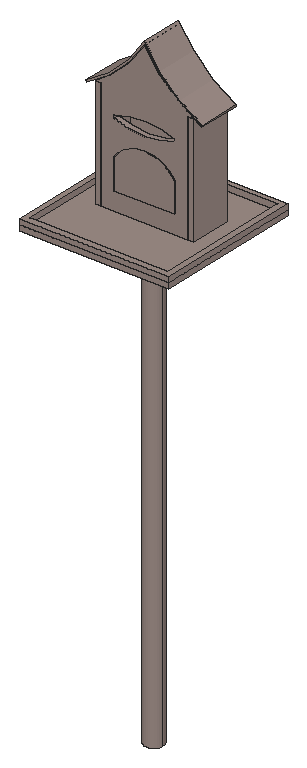
Revit family
Parameters (values of type "320 x 320 mm")
  Post Height = 1000 mm
  Box Material = Rosewood
Reference planes
  plane 1 "Center (Front/Back)": y = 0
  plane 2: z = 0
  plane 3 "Center (Left/Right)": x = 0
  plane 4: z = 1000
  plane 5: y = 65
  plane 6: y = -25
  plane 7: x = -160
  plane 8: x = 160
  plane 9: y = 160
  plane 10: y = -160
Forms (mm)
  Extrusion 1, solid, material "Rosewood" <- "Box Material"
    sketch origin (0, 0, 0) x (1, 0, 0) y (0, 1, 0)
      loop
        circle (0, 0) r 20
    from 0 to 1000
  Extrusion 2, solid, material "Rosewood" <- "Box Material"
    sketch origin (0, 0, 1000) x (-1, 0, 0) y (0, -1, 0)
      loop
        line (160, -160) -> (160, 160) -> (-160, 160) -> (-160, -160) -> (160, -160)
    from 0 to 12
  Extrusion 3, solid, material "Rosewood" <- "Box Material"
    sketch origin (0, 0, 1000) x (-1, 0, 0) y (0, -1, 0)
      loop
        line (160, -160) -> (160, 160) -> (-160, 160) -> (-160, -160) -> (160, -160)
      loop
        line (148, -148) -> (148, 148) -> (-148, 148) -> (-148, -148) -> (148, -148)
    from 12 to 24
  Extrusion 4, solid, material "Rosewood" <- "Box Material"
    sketch origin (0, 0, 1000) x (-1, 0, 0) y (0, -1, 0)
      loop
        line (105, -65) -> (105, 25) -> (93, 25) -> (93, -53) -> (-93, -53) -> (-93, 25) -> (-105, 25) -> (-105, -65) -> (105, -65)
    from 12 to 250
  Extrusion 5, solid, material "Rosewood" <- "Box Material"
    sketch origin (0, 0, 0) x (1, 0, 0) y (0, 0, 1)
      loop
        arc (0, 1355) -> (53.474, 1288.625) -> (123.417, 1239.911) r 300.857
        line (123.417, 1239.911) -> (125.215, 1243.485)
        arc (125.215, 1243.485) -> (53.704, 1293.907) -> (0, 1362.987) r 296.857
        arc (0, 1362.987) -> (-53.704, 1293.907) -> (-125.215, 1243.485) r 296.857
        line (-125.215, 1243.485) -> (-123.417, 1239.911)
        arc (-123.417, 1239.911) -> (-53.474, 1288.625) -> (0, 1355) r 300.857
    from -65 to 25
  Extrusion 6, solid, material "Rosewood" <- "Box Material"
    sketch origin (0, 0, 0) x (1, 0, 0) y (0, 0, 1)
      loop
        line (-93, 1012) -> (93, 1012) -> (93, 1250) -> (105, 1250)
        arc (105, 1250) -> (45.92, 1295.92) -> (0, 1355) r 300.857
        arc (0, 1355) -> (-45.92, 1295.92) -> (-105, 1250) r 300.857
        line (-105, 1250) -> (-93, 1250) -> (-93, 1012)
      loop
        arc (-65, 1191.132) -> (0, 1178.932) -> (65, 1191.132) r 179.261
        line (65, 1191.132) -> (65, 1197.034)
        arc (65, 1197.034) -> (0, 1209.233) -> (-65, 1197.034) r 179.261
        line (-65, 1197.034) -> (-65, 1191.132)
      loop
        line (-65, 1117) -> (-65, 1052) -> (65, 1052) -> (65, 1117)
        arc (65, 1117) -> (0, 1151.582) -> (-65, 1117) r 78.378
    from 13 to 25
  Extrusion 7, solid, material "Rosewood" <- "Box Material"
    sketch origin (0, 0, 0) x (1, 0, 0) y (0, 0, 1)
      loop
        line (-65, 1052) -> (65, 1052) -> (65, 1117)
        arc (65, 1117) -> (0, 1151.582) -> (-65, 1117) r 78.378
        line (-65, 1117) -> (-65, 1052)
    from 13 to 26
Lines and regions (mm)
  symbolic lines
    curve 1: line (-160, 160, 0) -> (160, 160, 0)
    curve 2: line (-160, -160, 0) -> (-160, 160, 0)
    curve 3: line (160, -160, 0) -> (-160, -160, 0)
    curve 4: line (160, 160, 0) -> (160, -160, 0)
    curve 5: line (-148, 148, 0) -> (148, 148, 0)
    curve 6: line (-148, -148, 0) -> (-148, 148, 0)
    curve 7: line (148, -148, 0) -> (-148, -148, 0)
    curve 8: line (148, 148, 0) -> (148, -148, 0)
    curve 9: line (-125.215, 65, 0) -> (125.215, 65, 0)
    curve 10: line (-125.215, -25, 0) -> (-125.215, 65, 0)
    curve 11: line (125.215, -25, 0) -> (-125.215, -25, 0)
    curve 12: line (125.215, 65, 0) -> (125.215, -25, 0)
    curve 13: line (0, 65, 0) -> (0, -25, 0)
Dimensions and locks
  "Post Height": plane 4 to level
  plane 7 to plane 8 = 320 mm
  plane 9 to plane 10 = 320 mm
  locked: plane 6 to plane 5 at 90
  plane 5 to plane 6 = 90 mm
  aligned and locked: plane 4 to Extrusion 1
  aligned and locked: Extrusion 2 to Extrusion 1
  aligned and locked: Extrusion 3 sketch curve to Extrusion 2  (x3)
  aligned and locked: Extrusion 2 to Extrusion 3 sketch curve
  aligned and locked: Extrusion 4 sketch curve to Extrusion 4 sketch curve
  aligned and locked: Extrusion 3 to Extrusion 2
  aligned and locked: Extrusion 4 to Extrusion 2
  aligned and locked: Extrusion 5 to Extrusion 4
  aligned and locked: plane 5 to Extrusion 5
  aligned and locked: Extrusion 5 to plane 6
  aligned and locked: Extrusion 4 to Extrusion 5
  aligned and locked: Extrusion 6 sketch curve to Extrusion 4  (x2)
  aligned and locked: Extrusion 4 to Extrusion 6 sketch curve  (x2)
  aligned and locked: Extrusion 6 sketch curve to Extrusion 5  (x2)
  aligned and locked: Extrusion 6 to Extrusion 4
  aligned and locked: Extrusion 7 sketch curve to Extrusion 6  (x4)
  aligned and locked: Extrusion 6 to Extrusion 7
  aligned and locked: plane 7 to Extrusion 2
  aligned and locked: Extrusion 2 to plane 8
  aligned and locked: Extrusion 2 to plane 9
  aligned and locked: plane 10 to Extrusion 2
Automatic sketch dimensions
  Extrusion 1 sketch curve to plane 1 "Center (Front/Back)" = 0 mm
  Extrusion 1 sketch curve to plane 3 "Center (Left/Right)" = 0 mm
  plane 3 "Center (Left/Right)" to Extrusion 2 sketch curve = 160 mm
  Extrusion 2 sketch curve to plane 3 "Center (Left/Right)" = 160 mm
  Extrusion 2 sketch curve to plane 1 "Center (Front/Back)" = 160 mm
  plane 1 "Center (Front/Back)" to Extrusion 2 sketch curve = 160 mm
  Extrusion 3 sketch curve to Extrusion 3 sketch curve = 12 mm  (x4)
  plane 1 "Center (Front/Back)" to Extrusion 4 sketch curve = 25 mm
  plane 3 "Center (Left/Right)" to Extrusion 4 sketch curve = 105 mm
  Extrusion 4 sketch curve to Extrusion 4 sketch curve = 12 mm  (x3)
  Extrusion 4 sketch curve to plane 3 "Center (Left/Right)" = 93 mm
  Extrusion 4 sketch curve to plane 1 "Center (Front/Back)" = 53 mm
  Extrusion 5 sketch curve to plane 3 "Center (Left/Right)" = 0 mm  (x2)
  Extrusion 5 sketch curve to plane 3 "Center (Left/Right)" = 123.417 mm
  Extrusion 5 sketch curve to Extrusion 5 sketch curve = 1.798 mm  (x2)
  Extrusion 5 sketch curve to plane 3 "Center (Left/Right)" = 258.658 mm
  Extrusion 5 sketch curve to Extrusion 5 sketch curve = 0 mm  (x2)
  plane 4 to Extrusion 5 sketch curve = 239.911 mm
  Extrusion 5 sketch curve to Extrusion 5 sketch curve = 3.573 mm  (x2)
  Extrusion 5 sketch curve to Extrusion 5 sketch curve = 111.515 mm
  Extrusion 5 sketch curve to Extrusion 5 sketch curve = 7.987 mm
  plane 3 "Center (Left/Right)" to Extrusion 5 sketch curve = 123.417 mm
  plane 3 "Center (Left/Right)" to Extrusion 5 sketch curve = 258.658 mm
  Extrusion 5 sketch curve to Extrusion 5 sketch curve = 115.089 mm
  Extrusion 6 sketch curve to plane 3 "Center (Left/Right)" = 0 mm  (x3)
  Extrusion 6 sketch curve to Extrusion 6 sketch curve = 28 mm  (x2)
  Extrusion 6 sketch curve to plane 3 "Center (Left/Right)" = 65 mm
  plane 3 "Center (Left/Right)" to Extrusion 6 sketch curve = 65 mm
  Extrusion 6 sketch curve to Extrusion 6 sketch curve = 12 mm
  plane 4 to Extrusion 6 sketch curve = 29.973 mm
  Extrusion 6 sketch curve to Extrusion 6 sketch curve = 40 mm
  Extrusion 6 sketch curve to Extrusion 6 sketch curve = 43.232 mm
  Extrusion 6 sketch curve to Extrusion 6 sketch curve = 65 mm
  Extrusion 6 sketch curve to Extrusion 6 sketch curve = 58.868 mm
  Extrusion 6 sketch curve to Extrusion 6 sketch curve = 5.902 mm
  Extrusion 6 sketch curve to Extrusion 6 sketch curve = 3.193 mm
  curve 1 to plane 7 = 0 mm
  curve 10 to plane 6 = 0 mm
  curve 13 to plane 3 "Center (Left/Right)" = 0 mm
  curve 1 to plane 8 = 0 mm
  curve 4 to plane 10 = 0 mm
  curve 13 to plane 5 = 0 mm
  curve 4 to plane 9 = 0 mm
  plane 7 to curve 7 = 12 mm
  plane 7 to curve 10 = 34.785 mm
  curve 12 to plane 8 = 34.785 mm
  curve 5 to plane 8 = 12 mm
  plane 10 to curve 7 = 12 mm
  curve 6 to plane 9 = 12 mm
  radius of Extrusion 1 sketch curve = 20 mm
